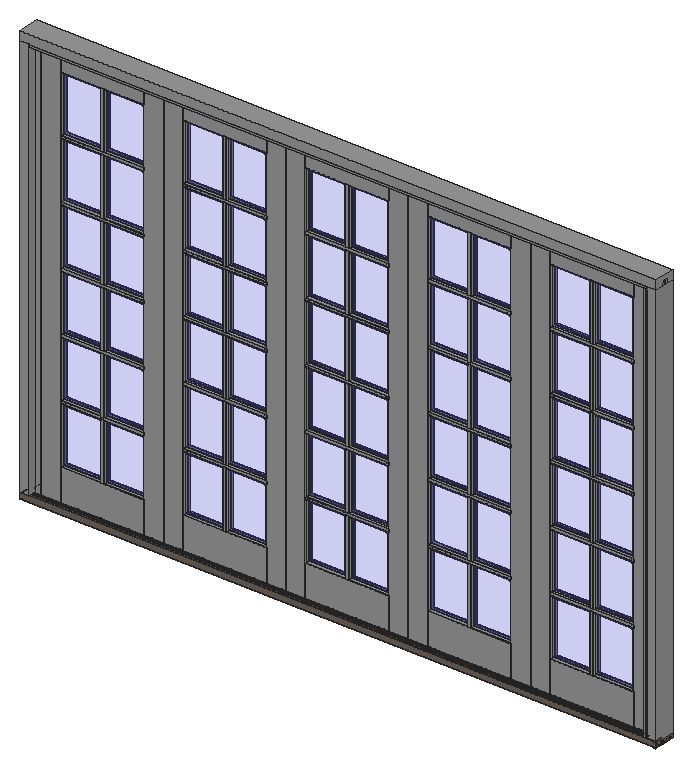
Revit family "VSFA 3180 SP LH", category Doors, host Wall, Revit 2015 (continued)
Automatic sketch dimensions
  host wall to Extrusion 35 sketch curve = 6.697 mm  (x12)
  Extrusion 35 sketch curve to Extrusion 35 sketch curve = 1.197 mm  (x8)
  Extrusion 35 sketch curve to host wall = 24.5 mm  (x7)
  plane 5 to Extrusion 35 sketch curve = 45 mm
  Extrusion 35 sketch curve to Extrusion 35 sketch curve = 96 mm
  Extrusion 35 sketch curve to Extrusion 35 sketch curve = 0 mm  (x6)
  Extrusion 35 sketch curve to Extrusion 35 sketch curve = 0.241 mm  (x12)
  Extrusion 35 sketch curve to Extrusion 35 sketch curve = 266 mm  (x5)
  Extrusion 35 sketch curve to Extrusion 35 sketch curve = 6.759 mm  (x6)
  Extrusion 35 sketch curve to Extrusion 35 sketch curve = 13 mm  (x5)
  level to Extrusion 35 sketch curve = 199 mm
  level to Extrusion 35 sketch curve = 19 mm
  plane 12 to Sweep 36 sketch curve = 279.5 mm
  Sweep 36 sketch curve to plane 13 = 128 mm
  Sweep 36 sketch curve to Sweep 36 sketch curve = 284 mm
  Sweep 36 sketch curve to profile plane = 0 mm
  Sweep 36 sketch curve to profile plane = 0.241 mm
  Sweep 36 sketch curve to Sweep 36 sketch curve = 6.759 mm
  Sweep 36 sketch curve to Sweep 36 sketch curve = 2 mm  (x2)
  Sweep 36 sketch curve to profile plane = 86 mm
  Sweep 36 sketch curve to Sweep 36 sketch curve = 6 mm
  plane 12 to Extrusion 37 sketch curve = 64 mm  (x5)
  Extrusion 37 sketch curve to Extrusion 37 sketch curve = 0 mm  (x8)
  Extrusion 37 sketch curve to Extrusion 37 sketch curve = 202.5 mm  (x4)
  Extrusion 37 sketch curve to Extrusion 37 sketch curve = 13 mm  (x11)
  Extrusion 37 sketch curve to plane 13 = 128.012 mm  (x3)
  plane 5 to Extrusion 37 sketch curve = 141 mm  (x2)
  Extrusion 37 sketch curve to Extrusion 37 sketch curve = 283.99 mm  (x5)
  Extrusion 37 sketch curve to Extrusion 37 sketch curve = 0.01 mm  (x5)
  Extrusion 37 sketch curve to Extrusion 37 sketch curve = 13.01 mm  (x3)
  level to Extrusion 37 sketch curve = 190.01 mm
  level to Extrusion 37 sketch curve = 190 mm
  Extrusion 38 sketch curve to host wall = 5.5 mm  (x2)
  Extrusion 38 sketch curve to plane 12 = 257.5 mm
  Extrusion 38 sketch curve to Extrusion 38 sketch curve = 2 mm  (x5)
  Extrusion 38 sketch curve to Extrusion 38 sketch curve = 6.759 mm  (x2)
  Extrusion 38 sketch curve to Extrusion 38 sketch curve = 0.241 mm  (x3)
  Extrusion 38 sketch curve to Extrusion 38 sketch curve = 13 mm  (x2)
  Extrusion 38 sketch curve to Extrusion 38 sketch curve = 1.197 mm  (x2)
  host wall to Extrusion 38 sketch curve = 24.5 mm
  plane 12 to Sweep 39 sketch curve = 64.012 mm
  Sweep 39 sketch curve to Sweep 39 sketch curve = 202.5 mm
  level to Sweep 39 sketch curve = 474 mm
  level to Sweep 39 sketch curve = 190 mm
  Sweep 39 sketch curve to profile plane = 0 mm
  Sweep 39 sketch curve to profile plane = 0.241 mm
  Sweep 39 sketch curve to Sweep 39 sketch curve = 6.759 mm
  Sweep 39 sketch curve to Sweep 39 sketch curve = 2 mm  (x2)
  Sweep 39 sketch curve to profile plane = 86 mm
  Sweep 39 sketch curve to Sweep 39 sketch curve = 6 mm
  plane 12 to Sweep 40 sketch curve = 279.5 mm
  Sweep 40 sketch curve to plane 13 = 128 mm
  level to Sweep 40 sketch curve = 770.988 mm
  Sweep 40 sketch curve to Sweep 40 sketch curve = 284 mm
  Sweep 40 sketch curve to profile plane = 0 mm
  Sweep 40 sketch curve to profile plane = 0.241 mm
  Sweep 40 sketch curve to Sweep 40 sketch curve = 6.759 mm
  Sweep 40 sketch curve to Sweep 40 sketch curve = 2 mm  (x2)
  Sweep 40 sketch curve to profile plane = 86 mm
  Sweep 40 sketch curve to Sweep 40 sketch curve = 6 mm
  host wall to Extrusion 41 sketch curve = 5.5 mm  (x2)
  plane 12 to Extrusion 41 sketch curve = 257.5 mm
  Extrusion 41 sketch curve to Extrusion 41 sketch curve = 2 mm  (x5)
  Extrusion 41 sketch curve to Extrusion 41 sketch curve = 6.759 mm  (x2)
  Extrusion 41 sketch curve to Extrusion 41 sketch curve = 0.241 mm  (x3)
  Extrusion 41 sketch curve to Extrusion 41 sketch curve = 13 mm  (x2)
  Extrusion 41 sketch curve to host wall = 24.5 mm
  Extrusion 41 sketch curve to Extrusion 41 sketch curve = 1.197 mm  (x2)
  plane 12 to Sweep 42 sketch curve = 64.012 mm
  Sweep 42 sketch curve to Sweep 42 sketch curve = 202.5 mm
  level to Sweep 42 sketch curve = 770.988 mm
  Sweep 42 sketch curve to Sweep 42 sketch curve = 284 mm
  Sweep 42 sketch curve to profile plane = 0 mm
  Sweep 42 sketch curve to profile plane = 0.241 mm
  Sweep 42 sketch curve to Sweep 42 sketch curve = 6.759 mm
  Sweep 42 sketch curve to Sweep 42 sketch curve = 2 mm  (x2)
  Sweep 42 sketch curve to profile plane = 86 mm
  Sweep 42 sketch curve to Sweep 42 sketch curve = 6 mm
  plane 12 to Sweep 43 sketch curve = 279.5 mm
  Sweep 43 sketch curve to plane 13 = 128 mm
  plane 5 to Sweep 43 sketch curve = 1032.012 mm
  Sweep 43 sketch curve to Sweep 43 sketch curve = 284 mm
  Sweep 43 sketch curve to profile plane = 0 mm
  Sweep 43 sketch curve to profile plane = 0.241 mm
  Sweep 43 sketch curve to Sweep 43 sketch curve = 6.759 mm
  Sweep 43 sketch curve to Sweep 43 sketch curve = 2 mm  (x2)
  Sweep 43 sketch curve to profile plane = 86 mm
  Sweep 43 sketch curve to Sweep 43 sketch curve = 6 mm
  host wall to Extrusion 44 sketch curve = 5.5 mm  (x2)
  plane 12 to Extrusion 44 sketch curve = 257.5 mm
  Extrusion 44 sketch curve to Extrusion 44 sketch curve = 2 mm  (x5)
  Extrusion 44 sketch curve to Extrusion 44 sketch curve = 6.759 mm  (x2)
  Extrusion 44 sketch curve to Extrusion 44 sketch curve = 0.241 mm  (x3)
  Extrusion 44 sketch curve to Extrusion 44 sketch curve = 13 mm  (x2)
  Extrusion 44 sketch curve to host wall = 24.5 mm
  Extrusion 44 sketch curve to Extrusion 44 sketch curve = 1.197 mm  (x2)
  plane 12 to Sweep 45 sketch curve = 64.012 mm
  Sweep 45 sketch curve to Sweep 45 sketch curve = 202.5 mm
  plane 5 to Sweep 45 sketch curve = 1032.012 mm
  Sweep 45 sketch curve to Sweep 45 sketch curve = 284 mm
  Sweep 45 sketch curve to profile plane = 0 mm
  Sweep 45 sketch curve to profile plane = 0.241 mm
  Sweep 45 sketch curve to Sweep 45 sketch curve = 6.759 mm
  Sweep 45 sketch curve to Sweep 45 sketch curve = 2 mm  (x2)
  Sweep 45 sketch curve to profile plane = 86 mm
  Sweep 45 sketch curve to Sweep 45 sketch curve = 6 mm
  plane 12 to Sweep 46 sketch curve = 279.5 mm
  Sweep 46 sketch curve to plane 13 = 128 mm
  plane 5 to Sweep 46 sketch curve = 735.012 mm
  Sweep 46 sketch curve to Sweep 46 sketch curve = 284 mm
  Sweep 46 sketch curve to profile plane = 0 mm
  Sweep 46 sketch curve to profile plane = 0.241 mm
  Sweep 46 sketch curve to Sweep 46 sketch curve = 6.759 mm
  Sweep 46 sketch curve to Sweep 46 sketch curve = 2 mm  (x2)
  Sweep 46 sketch curve to profile plane = 86 mm
  Sweep 46 sketch curve to Sweep 46 sketch curve = 6 mm
  host wall to Extrusion 47 sketch curve = 5.5 mm  (x2)
  plane 12 to Extrusion 47 sketch curve = 257.5 mm
  Extrusion 47 sketch curve to Extrusion 47 sketch curve = 2 mm  (x5)
  Extrusion 47 sketch curve to Extrusion 47 sketch curve = 6.759 mm  (x2)
  Extrusion 47 sketch curve to Extrusion 47 sketch curve = 0.241 mm  (x3)
  Extrusion 47 sketch curve to Extrusion 47 sketch curve = 13 mm  (x2)
  Extrusion 47 sketch curve to host wall = 24.5 mm
  Extrusion 47 sketch curve to Extrusion 47 sketch curve = 1.197 mm  (x2)
  plane 12 to Sweep 48 sketch curve = 64.012 mm
  Sweep 48 sketch curve to Sweep 48 sketch curve = 202.5 mm
  plane 5 to Sweep 48 sketch curve = 735.012 mm
  Sweep 48 sketch curve to Sweep 48 sketch curve = 284 mm
  Sweep 48 sketch curve to profile plane = 0 mm
  Sweep 48 sketch curve to profile plane = 0.241 mm
  Sweep 48 sketch curve to Sweep 48 sketch curve = 6.759 mm
  Sweep 48 sketch curve to Sweep 48 sketch curve = 2 mm  (x2)
  Sweep 48 sketch curve to profile plane = 86 mm
  Sweep 48 sketch curve to Sweep 48 sketch curve = 6 mm
  plane 12 to Sweep 49 sketch curve = 279.5 mm
  Sweep 49 sketch curve to plane 13 = 128 mm
  plane 5 to Sweep 49 sketch curve = 438.012 mm
  Sweep 49 sketch curve to Sweep 49 sketch curve = 284 mm
  Sweep 49 sketch curve to profile plane = 0 mm
  Sweep 49 sketch curve to profile plane = 0.241 mm
  Sweep 49 sketch curve to Sweep 49 sketch curve = 6.759 mm
  Sweep 49 sketch curve to Sweep 49 sketch curve = 2 mm  (x2)
  Sweep 49 sketch curve to profile plane = 86 mm
  Sweep 49 sketch curve to Sweep 49 sketch curve = 6 mm
  host wall to Extrusion 50 sketch curve = 5.5 mm  (x2)
  plane 12 to Extrusion 50 sketch curve = 257.5 mm
  Extrusion 50 sketch curve to Extrusion 50 sketch curve = 2 mm  (x5)
  Extrusion 50 sketch curve to Extrusion 50 sketch curve = 6.759 mm  (x2)
  Extrusion 50 sketch curve to Extrusion 50 sketch curve = 0.241 mm  (x3)
  Extrusion 50 sketch curve to Extrusion 50 sketch curve = 13 mm  (x2)
  Extrusion 50 sketch curve to host wall = 24.5 mm
  Extrusion 50 sketch curve to Extrusion 50 sketch curve = 1.197 mm  (x2)
  plane 12 to Sweep 51 sketch curve = 64.012 mm
  Sweep 51 sketch curve to Sweep 51 sketch curve = 202.5 mm
  plane 5 to Sweep 51 sketch curve = 438.012 mm
  Sweep 51 sketch curve to Sweep 51 sketch curve = 284 mm
  Sweep 51 sketch curve to profile plane = 0 mm
  Sweep 51 sketch curve to profile plane = 0.241 mm
  Sweep 51 sketch curve to Sweep 51 sketch curve = 6.759 mm
  Sweep 51 sketch curve to Sweep 51 sketch curve = 2 mm  (x2)
  Sweep 51 sketch curve to profile plane = 86 mm
  Sweep 51 sketch curve to Sweep 51 sketch curve = 6 mm
  plane 12 to Sweep 52 sketch curve = 279.5 mm
  Sweep 52 sketch curve to plane 13 = 128 mm
  plane 5 to Sweep 52 sketch curve = 141.012 mm
  Sweep 52 sketch curve to Sweep 52 sketch curve = 284 mm
  Sweep 52 sketch curve to profile plane = 0 mm
  Sweep 52 sketch curve to profile plane = 0.241 mm
  Sweep 52 sketch curve to Sweep 52 sketch curve = 6.759 mm
  Sweep 52 sketch curve to Sweep 52 sketch curve = 2 mm  (x2)
  Sweep 52 sketch curve to profile plane = 86 mm
  Sweep 52 sketch curve to Sweep 52 sketch curve = 6 mm
  host wall to Extrusion 53 sketch curve = 5.5 mm  (x2)
  plane 12 to Extrusion 53 sketch curve = 257.5 mm
  Extrusion 53 sketch curve to Extrusion 53 sketch curve = 2 mm  (x5)
  Extrusion 53 sketch curve to Extrusion 53 sketch curve = 6.759 mm  (x2)
  Extrusion 53 sketch curve to Extrusion 53 sketch curve = 0.241 mm  (x3)
  Extrusion 53 sketch curve to Extrusion 53 sketch curve = 13 mm  (x2)
  Extrusion 53 sketch curve to host wall = 24.5 mm
  Extrusion 53 sketch curve to Extrusion 53 sketch curve = 1.197 mm  (x2)
  plane 12 to Sweep 54 sketch curve = 64.012 mm
  Sweep 54 sketch curve to Sweep 54 sketch curve = 202.5 mm
  plane 5 to Sweep 54 sketch curve = 141.012 mm
  Sweep 54 sketch curve to Sweep 54 sketch curve = 284 mm
  Sweep 54 sketch curve to profile plane = 0 mm
  Sweep 54 sketch curve to profile plane = 0.241 mm
  Sweep 54 sketch curve to Sweep 54 sketch curve = 6.759 mm
  Sweep 54 sketch curve to Sweep 54 sketch curve = 2 mm  (x2)
  Sweep 54 sketch curve to profile plane = 86 mm
  Sweep 54 sketch curve to Sweep 54 sketch curve = 6 mm
  host wall to Extrusion 55 sketch curve = 15.5 mm  (x7)
  Extrusion 55 sketch curve to Extrusion 55 sketch curve = 2 mm  (x28)
  host wall to Extrusion 55 sketch curve = 7.5 mm  (x12)
  host wall to Extrusion 55 sketch curve = 6.697 mm  (x12)
  Extrusion 55 sketch curve to Extrusion 55 sketch curve = 1.197 mm  (x8)
  Extrusion 55 sketch curve to host wall = 24.5 mm  (x7)
  plane 5 to Extrusion 55 sketch curve = 45 mm
  Extrusion 55 sketch curve to Extrusion 55 sketch curve = 96 mm
  Extrusion 55 sketch curve to Extrusion 55 sketch curve = 0 mm  (x6)
  Extrusion 55 sketch curve to Extrusion 55 sketch curve = 0.241 mm  (x12)
  Extrusion 55 sketch curve to Extrusion 55 sketch curve = 266 mm  (x5)
  Extrusion 55 sketch curve to Extrusion 55 sketch curve = 6.759 mm  (x6)
  Extrusion 55 sketch curve to Extrusion 55 sketch curve = 13 mm  (x5)
  level to Extrusion 55 sketch curve = 199 mm
  level to Extrusion 55 sketch curve = 19 mm
  plane 2 "Center (Left/Right)" to Sweep 56 sketch curve = 9.5 mm
  Sweep 56 sketch curve to plane 15 = 128 mm
  Sweep 56 sketch curve to Sweep 56 sketch curve = 284 mm
  Sweep 56 sketch curve to profile plane = 0 mm
  Sweep 56 sketch curve to profile plane = 0.241 mm
  Sweep 56 sketch curve to Sweep 56 sketch curve = 6.759 mm
  Sweep 56 sketch curve to Sweep 56 sketch curve = 2 mm  (x2)
  Sweep 56 sketch curve to profile plane = 86 mm
  Sweep 56 sketch curve to Sweep 56 sketch curve = 6 mm
  plane 14 to Extrusion 57 sketch curve = 64 mm  (x5)
  Extrusion 57 sketch curve to Extrusion 57 sketch curve = 0 mm  (x8)
  plane 2 "Center (Left/Right)" to Extrusion 57 sketch curve = 22.5 mm  (x4)
  plane 2 "Center (Left/Right)" to Extrusion 57 sketch curve = 9.5 mm  (x6)
  Extrusion 57 sketch curve to plane 15 = 128.012 mm  (x3)
  plane 5 to Extrusion 57 sketch curve = 141 mm  (x2)
  Extrusion 57 sketch curve to Extrusion 57 sketch curve = 283.99 mm  (x5)
  Extrusion 57 sketch curve to Extrusion 57 sketch curve = 0.01 mm  (x5)
  Extrusion 57 sketch curve to Extrusion 57 sketch curve = 13 mm  (x5)
  Extrusion 57 sketch curve to Extrusion 57 sketch curve = 13.01 mm  (x3)
  level to Extrusion 57 sketch curve = 190.01 mm
  level to Extrusion 57 sketch curve = 190 mm
  Extrusion 58 sketch curve to host wall = 5.5 mm  (x2)
  Extrusion 58 sketch curve to plane 2 "Center (Left/Right)" = 31.5 mm
  Extrusion 58 sketch curve to Extrusion 58 sketch curve = 2 mm  (x4)
  Extrusion 58 sketch curve to Extrusion 58 sketch curve = 6.759 mm
  Extrusion 58 sketch curve to Extrusion 58 sketch curve = 0.241 mm  (x3)
  Extrusion 58 sketch curve to plane 2 "Center (Left/Right)" = 9.5 mm  (x2)
  Extrusion 58 sketch curve to plane 2 "Center (Left/Right)" = 2.5 mm
  Extrusion 58 sketch curve to plane 2 "Center (Left/Right)" = 0.5 mm
  Extrusion 58 sketch curve to Extrusion 58 sketch curve = 1.197 mm  (x2)
  host wall to Extrusion 58 sketch curve = 24.5 mm
  plane 14 to Sweep 59 sketch curve = 64.012 mm
  plane 2 "Center (Left/Right)" to Sweep 59 sketch curve = 22.488 mm
  level to Sweep 59 sketch curve = 474 mm
  level to Sweep 59 sketch curve = 190 mm
  Sweep 59 sketch curve to profile plane = 0 mm
  Sweep 59 sketch curve to profile plane = 0.241 mm
  Sweep 59 sketch curve to Sweep 59 sketch curve = 6.759 mm
  Sweep 59 sketch curve to Sweep 59 sketch curve = 2 mm  (x2)
  Sweep 59 sketch curve to profile plane = 86 mm
  Sweep 59 sketch curve to Sweep 59 sketch curve = 6 mm
  plane 2 "Center (Left/Right)" to Sweep 60 sketch curve = 9.5 mm
  Sweep 60 sketch curve to plane 15 = 128 mm
  level to Sweep 60 sketch curve = 770.988 mm
  Sweep 60 sketch curve to Sweep 60 sketch curve = 284 mm
  Sweep 60 sketch curve to profile plane = 0 mm
  Sweep 60 sketch curve to profile plane = 0.241 mm
  Sweep 60 sketch curve to Sweep 60 sketch curve = 6.759 mm
  Sweep 60 sketch curve to Sweep 60 sketch curve = 2 mm  (x2)
  Sweep 60 sketch curve to profile plane = 86 mm
  Sweep 60 sketch curve to Sweep 60 sketch curve = 6 mm
  host wall to Extrusion 61 sketch curve = 5.5 mm  (x2)
  plane 2 "Center (Left/Right)" to Extrusion 61 sketch curve = 31.5 mm
  Extrusion 61 sketch curve to Extrusion 61 sketch curve = 2 mm  (x4)
  Extrusion 61 sketch curve to Extrusion 61 sketch curve = 6.759 mm
  Extrusion 61 sketch curve to Extrusion 61 sketch curve = 0.241 mm  (x3)
  plane 2 "Center (Left/Right)" to Extrusion 61 sketch curve = 9.5 mm  (x2)
  plane 2 "Center (Left/Right)" to Extrusion 61 sketch curve = 2.5 mm
  plane 2 "Center (Left/Right)" to Extrusion 61 sketch curve = 0.5 mm
  Extrusion 61 sketch curve to host wall = 24.5 mm
  Extrusion 61 sketch curve to Extrusion 61 sketch curve = 1.197 mm  (x2)
  plane 14 to Sweep 62 sketch curve = 64.012 mm
  plane 2 "Center (Left/Right)" to Sweep 62 sketch curve = 22.488 mm
  level to Sweep 62 sketch curve = 770.988 mm
  Sweep 62 sketch curve to Sweep 62 sketch curve = 284 mm
  Sweep 62 sketch curve to profile plane = 0 mm
  Sweep 62 sketch curve to profile plane = 0.241 mm
  Sweep 62 sketch curve to Sweep 62 sketch curve = 6.759 mm
  Sweep 62 sketch curve to Sweep 62 sketch curve = 2 mm  (x2)
  Sweep 62 sketch curve to profile plane = 86 mm
  Sweep 62 sketch curve to Sweep 62 sketch curve = 6 mm
  plane 2 "Center (Left/Right)" to Sweep 63 sketch curve = 9.5 mm
  Sweep 63 sketch curve to plane 15 = 128 mm
  plane 5 to Sweep 63 sketch curve = 1032.012 mm
  Sweep 63 sketch curve to Sweep 63 sketch curve = 284 mm
  Sweep 63 sketch curve to profile plane = 0 mm
  Sweep 63 sketch curve to profile plane = 0.241 mm
  Sweep 63 sketch curve to Sweep 63 sketch curve = 6.759 mm
  Sweep 63 sketch curve to Sweep 63 sketch curve = 2 mm  (x2)
  Sweep 63 sketch curve to profile plane = 86 mm
  Sweep 63 sketch curve to Sweep 63 sketch curve = 6 mm
  host wall to Extrusion 64 sketch curve = 5.5 mm  (x2)
  plane 2 "Center (Left/Right)" to Extrusion 64 sketch curve = 31.5 mm
  Extrusion 64 sketch curve to Extrusion 64 sketch curve = 2 mm  (x4)
  Extrusion 64 sketch curve to Extrusion 64 sketch curve = 6.759 mm
  Extrusion 64 sketch curve to Extrusion 64 sketch curve = 0.241 mm  (x3)
  plane 2 "Center (Left/Right)" to Extrusion 64 sketch curve = 9.5 mm  (x2)
  plane 2 "Center (Left/Right)" to Extrusion 64 sketch curve = 2.5 mm
  plane 2 "Center (Left/Right)" to Extrusion 64 sketch curve = 0.5 mm
  Extrusion 64 sketch curve to host wall = 24.5 mm
  Extrusion 64 sketch curve to Extrusion 64 sketch curve = 1.197 mm  (x2)
  plane 14 to Sweep 65 sketch curve = 64.012 mm
  plane 2 "Center (Left/Right)" to Sweep 65 sketch curve = 22.488 mm
  plane 5 to Sweep 65 sketch curve = 1032.012 mm
  Sweep 65 sketch curve to Sweep 65 sketch curve = 284 mm
  Sweep 65 sketch curve to profile plane = 0 mm
  Sweep 65 sketch curve to profile plane = 0.241 mm
  Sweep 65 sketch curve to Sweep 65 sketch curve = 6.759 mm
  Sweep 65 sketch curve to Sweep 65 sketch curve = 2 mm  (x2)
  Sweep 65 sketch curve to profile plane = 86 mm
  Sweep 65 sketch curve to Sweep 65 sketch curve = 6 mm
  plane 2 "Center (Left/Right)" to Sweep 66 sketch curve = 9.5 mm
  Sweep 66 sketch curve to plane 15 = 128 mm
  plane 5 to Sweep 66 sketch curve = 735.012 mm
  Sweep 66 sketch curve to Sweep 66 sketch curve = 284 mm
  Sweep 66 sketch curve to profile plane = 0 mm
  Sweep 66 sketch curve to profile plane = 0.241 mm
  Sweep 66 sketch curve to Sweep 66 sketch curve = 6.759 mm
  Sweep 66 sketch curve to Sweep 66 sketch curve = 2 mm  (x2)
  Sweep 66 sketch curve to profile plane = 86 mm
  Sweep 66 sketch curve to Sweep 66 sketch curve = 6 mm
  host wall to Extrusion 67 sketch curve = 5.5 mm  (x2)
  plane 2 "Center (Left/Right)" to Extrusion 67 sketch curve = 31.5 mm
  Extrusion 67 sketch curve to Extrusion 67 sketch curve = 2 mm  (x4)
  Extrusion 67 sketch curve to Extrusion 67 sketch curve = 6.759 mm
  Extrusion 67 sketch curve to Extrusion 67 sketch curve = 0.241 mm  (x3)
  plane 2 "Center (Left/Right)" to Extrusion 67 sketch curve = 9.5 mm  (x2)
  plane 2 "Center (Left/Right)" to Extrusion 67 sketch curve = 2.5 mm
  plane 2 "Center (Left/Right)" to Extrusion 67 sketch curve = 0.5 mm
  Extrusion 67 sketch curve to host wall = 24.5 mm
  Extrusion 67 sketch curve to Extrusion 67 sketch curve = 1.197 mm  (x2)
  plane 14 to Sweep 68 sketch curve = 64.012 mm
  plane 2 "Center (Left/Right)" to Sweep 68 sketch curve = 22.488 mm
  plane 5 to Sweep 68 sketch curve = 735.012 mm
  Sweep 68 sketch curve to Sweep 68 sketch curve = 284 mm
  Sweep 68 sketch curve to profile plane = 0 mm
  Sweep 68 sketch curve to profile plane = 0.241 mm
  Sweep 68 sketch curve to Sweep 68 sketch curve = 6.759 mm
  Sweep 68 sketch curve to Sweep 68 sketch curve = 2 mm  (x2)
  Sweep 68 sketch curve to profile plane = 86 mm
  Sweep 68 sketch curve to Sweep 68 sketch curve = 6 mm
  plane 2 "Center (Left/Right)" to Sweep 69 sketch curve = 9.5 mm
  Sweep 69 sketch curve to plane 15 = 128 mm
  plane 5 to Sweep 69 sketch curve = 438.012 mm
  Sweep 69 sketch curve to Sweep 69 sketch curve = 284 mm
  Sweep 69 sketch curve to profile plane = 0 mm
  Sweep 69 sketch curve to profile plane = 0.241 mm
  Sweep 69 sketch curve to Sweep 69 sketch curve = 6.759 mm
  Sweep 69 sketch curve to Sweep 69 sketch curve = 2 mm  (x2)
  Sweep 69 sketch curve to profile plane = 86 mm
  Sweep 69 sketch curve to Sweep 69 sketch curve = 6 mm
  host wall to Extrusion 70 sketch curve = 5.5 mm  (x2)
  plane 2 "Center (Left/Right)" to Extrusion 70 sketch curve = 31.5 mm
  Extrusion 70 sketch curve to Extrusion 70 sketch curve = 2 mm  (x4)
  Extrusion 70 sketch curve to Extrusion 70 sketch curve = 6.759 mm
  Extrusion 70 sketch curve to Extrusion 70 sketch curve = 0.241 mm  (x3)
  plane 2 "Center (Left/Right)" to Extrusion 70 sketch curve = 9.5 mm  (x2)
  plane 2 "Center (Left/Right)" to Extrusion 70 sketch curve = 2.5 mm
  plane 2 "Center (Left/Right)" to Extrusion 70 sketch curve = 0.5 mm
  Extrusion 70 sketch curve to host wall = 24.5 mm
  Extrusion 70 sketch curve to Extrusion 70 sketch curve = 1.197 mm  (x2)
  plane 14 to Sweep 71 sketch curve = 64.012 mm
  plane 2 "Center (Left/Right)" to Sweep 71 sketch curve = 22.488 mm
  plane 5 to Sweep 71 sketch curve = 438.012 mm
  Sweep 71 sketch curve to Sweep 71 sketch curve = 284 mm
  Sweep 71 sketch curve to profile plane = 0 mm
  Sweep 71 sketch curve to profile plane = 0.241 mm
  Sweep 71 sketch curve to Sweep 71 sketch curve = 6.759 mm
  Sweep 71 sketch curve to Sweep 71 sketch curve = 2 mm  (x2)
  Sweep 71 sketch curve to profile plane = 86 mm
  Sweep 71 sketch curve to Sweep 71 sketch curve = 6 mm
  plane 2 "Center (Left/Right)" to Sweep 72 sketch curve = 9.5 mm
  Sweep 72 sketch curve to plane 15 = 128 mm
  plane 5 to Sweep 72 sketch curve = 141.012 mm
  Sweep 72 sketch curve to Sweep 72 sketch curve = 284 mm
  Sweep 72 sketch curve to profile plane = 0 mm
  Sweep 72 sketch curve to profile plane = 0.241 mm
  Sweep 72 sketch curve to Sweep 72 sketch curve = 6.759 mm
  Sweep 72 sketch curve to Sweep 72 sketch curve = 2 mm  (x2)
  Sweep 72 sketch curve to profile plane = 86 mm
  Sweep 72 sketch curve to Sweep 72 sketch curve = 6 mm
  host wall to Extrusion 73 sketch curve = 5.5 mm  (x2)
  plane 2 "Center (Left/Right)" to Extrusion 73 sketch curve = 31.5 mm
  Extrusion 73 sketch curve to Extrusion 73 sketch curve = 2 mm  (x4)
  Extrusion 73 sketch curve to Extrusion 73 sketch curve = 6.759 mm
  Extrusion 73 sketch curve to Extrusion 73 sketch curve = 0.241 mm  (x3)
  plane 2 "Center (Left/Right)" to Extrusion 73 sketch curve = 9.5 mm  (x2)
  plane 2 "Center (Left/Right)" to Extrusion 73 sketch curve = 2.5 mm
  plane 2 "Center (Left/Right)" to Extrusion 73 sketch curve = 0.5 mm
  Extrusion 73 sketch curve to host wall = 24.5 mm
  Extrusion 73 sketch curve to Extrusion 73 sketch curve = 1.197 mm  (x2)
  plane 14 to Sweep 74 sketch curve = 64.012 mm
  plane 2 "Center (Left/Right)" to Sweep 74 sketch curve = 22.488 mm
  plane 5 to Sweep 74 sketch curve = 141.012 mm
  Sweep 74 sketch curve to Sweep 74 sketch curve = 284 mm
  Sweep 74 sketch curve to profile plane = 0 mm
  Sweep 74 sketch curve to profile plane = 0.241 mm
  Sweep 74 sketch curve to Sweep 74 sketch curve = 6.759 mm
  Sweep 74 sketch curve to Sweep 74 sketch curve = 2 mm  (x2)
  Sweep 74 sketch curve to profile plane = 86 mm
  Sweep 74 sketch curve to Sweep 74 sketch curve = 6 mm
  host wall to Extrusion 75 sketch curve = 15.5 mm  (x7)
  Extrusion 75 sketch curve to Extrusion 75 sketch curve = 2 mm  (x28)
  host wall to Extrusion 75 sketch curve = 7.5 mm  (x12)
  host wall to Extrusion 75 sketch curve = 6.697 mm  (x12)
  Extrusion 75 sketch curve to Extrusion 75 sketch curve = 1.197 mm  (x8)
  Extrusion 75 sketch curve to host wall = 24.5 mm  (x7)
  plane 5 to Extrusion 75 sketch curve = 45 mm
  Extrusion 75 sketch curve to Extrusion 75 sketch curve = 96 mm
  Extrusion 75 sketch curve to Extrusion 75 sketch curve = 0 mm  (x6)
  Extrusion 75 sketch curve to Extrusion 75 sketch curve = 0.241 mm  (x12)
  Extrusion 75 sketch curve to Extrusion 75 sketch curve = 266 mm  (x5)
  Extrusion 75 sketch curve to Extrusion 75 sketch curve = 6.759 mm  (x6)
  Extrusion 75 sketch curve to Extrusion 75 sketch curve = 13 mm  (x5)
  level to Extrusion 75 sketch curve = 199 mm
  level to Extrusion 75 sketch curve = 19 mm
  plane 16 to Sweep 76 sketch curve = 279.5 mm
  Sweep 76 sketch curve to plane 17 = 128 mm
  Sweep 76 sketch curve to Sweep 76 sketch curve = 284 mm
  Sweep 76 sketch curve to profile plane = 0 mm
  Sweep 76 sketch curve to profile plane = 0.241 mm
  Sweep 76 sketch curve to Sweep 76 sketch curve = 6.759 mm
  Sweep 76 sketch curve to Sweep 76 sketch curve = 2 mm  (x2)
  Sweep 76 sketch curve to profile plane = 86 mm
  Sweep 76 sketch curve to Sweep 76 sketch curve = 6 mm
  plane 16 to Extrusion 77 sketch curve = 64 mm  (x5)
  Extrusion 77 sketch curve to Extrusion 77 sketch curve = 0 mm  (x8)
  Extrusion 77 sketch curve to Extrusion 77 sketch curve = 202.5 mm  (x4)
  Extrusion 77 sketch curve to Extrusion 77 sketch curve = 13 mm  (x11)
  Extrusion 77 sketch curve to plane 17 = 128.012 mm  (x3)
  plane 5 to Extrusion 77 sketch curve = 141 mm  (x2)
  Extrusion 77 sketch curve to Extrusion 77 sketch curve = 283.99 mm  (x5)
  Extrusion 77 sketch curve to Extrusion 77 sketch curve = 0.01 mm  (x5)
  Extrusion 77 sketch curve to Extrusion 77 sketch curve = 13.01 mm  (x3)
  level to Extrusion 77 sketch curve = 190.01 mm
  level to Extrusion 77 sketch curve = 190 mm
  Extrusion 78 sketch curve to host wall = 5.5 mm  (x2)
  Extrusion 78 sketch curve to plane 16 = 257.5 mm
  Extrusion 78 sketch curve to Extrusion 78 sketch curve = 2 mm  (x5)
  Extrusion 78 sketch curve to Extrusion 78 sketch curve = 6.759 mm  (x2)
  Extrusion 78 sketch curve to Extrusion 78 sketch curve = 0.241 mm  (x3)
  Extrusion 78 sketch curve to Extrusion 78 sketch curve = 13 mm  (x2)
  Extrusion 78 sketch curve to Extrusion 78 sketch curve = 1.197 mm  (x2)
  host wall to Extrusion 78 sketch curve = 24.5 mm
  plane 16 to Sweep 79 sketch curve = 64.012 mm
  Sweep 79 sketch curve to Sweep 79 sketch curve = 202.5 mm
  level to Sweep 79 sketch curve = 474 mm
  level to Sweep 79 sketch curve = 190 mm
  Sweep 79 sketch curve to profile plane = 0 mm
  Sweep 79 sketch curve to profile plane = 0.241 mm
  Sweep 79 sketch curve to Sweep 79 sketch curve = 6.759 mm
  Sweep 79 sketch curve to Sweep 79 sketch curve = 2 mm  (x2)
  Sweep 79 sketch curve to profile plane = 86 mm
  Sweep 79 sketch curve to Sweep 79 sketch curve = 6 mm
  plane 16 to Sweep 80 sketch curve = 279.5 mm
  Sweep 80 sketch curve to plane 17 = 128 mm
  level to Sweep 80 sketch curve = 770.988 mm
  Sweep 80 sketch curve to Sweep 80 sketch curve = 284 mm
  Sweep 80 sketch curve to profile plane = 0 mm
  Sweep 80 sketch curve to profile plane = 0.241 mm
  Sweep 80 sketch curve to Sweep 80 sketch curve = 6.759 mm
  Sweep 80 sketch curve to Sweep 80 sketch curve = 2 mm  (x2)
  Sweep 80 sketch curve to profile plane = 86 mm
  Sweep 80 sketch curve to Sweep 80 sketch curve = 6 mm
  host wall to Extrusion 81 sketch curve = 5.5 mm  (x2)
  plane 16 to Extrusion 81 sketch curve = 257.5 mm
  Extrusion 81 sketch curve to Extrusion 81 sketch curve = 2 mm  (x5)
  Extrusion 81 sketch curve to Extrusion 81 sketch curve = 6.759 mm  (x2)
  Extrusion 81 sketch curve to Extrusion 81 sketch curve = 0.241 mm  (x3)
  Extrusion 81 sketch curve to Extrusion 81 sketch curve = 13 mm  (x2)
  Extrusion 81 sketch curve to host wall = 24.5 mm
  Extrusion 81 sketch curve to Extrusion 81 sketch curve = 1.197 mm  (x2)
  plane 16 to Sweep 82 sketch curve = 64.012 mm
  Sweep 82 sketch curve to Sweep 82 sketch curve = 202.5 mm
  level to Sweep 82 sketch curve = 770.988 mm
  Sweep 82 sketch curve to Sweep 82 sketch curve = 284 mm
  Sweep 82 sketch curve to profile plane = 0 mm
  Sweep 82 sketch curve to profile plane = 0.241 mm
  Sweep 82 sketch curve to Sweep 82 sketch curve = 6.759 mm
  Sweep 82 sketch curve to Sweep 82 sketch curve = 2 mm  (x2)
  Sweep 82 sketch curve to profile plane = 86 mm
  Sweep 82 sketch curve to Sweep 82 sketch curve = 6 mm
  plane 16 to Sweep 83 sketch curve = 279.5 mm
  Sweep 83 sketch curve to plane 17 = 128 mm
  plane 5 to Sweep 83 sketch curve = 1032.012 mm
  Sweep 83 sketch curve to Sweep 83 sketch curve = 284 mm
  Sweep 83 sketch curve to profile plane = 0 mm
  Sweep 83 sketch curve to profile plane = 0.241 mm
  Sweep 83 sketch curve to Sweep 83 sketch curve = 6.759 mm
  Sweep 83 sketch curve to Sweep 83 sketch curve = 2 mm  (x2)
  Sweep 83 sketch curve to profile plane = 86 mm
  Sweep 83 sketch curve to Sweep 83 sketch curve = 6 mm
  host wall to Extrusion 84 sketch curve = 5.5 mm  (x2)
  plane 16 to Extrusion 84 sketch curve = 257.5 mm
  Extrusion 84 sketch curve to Extrusion 84 sketch curve = 2 mm  (x5)
  Extrusion 84 sketch curve to Extrusion 84 sketch curve = 6.759 mm  (x2)
  Extrusion 84 sketch curve to Extrusion 84 sketch curve = 0.241 mm  (x3)
  Extrusion 84 sketch curve to Extrusion 84 sketch curve = 13 mm  (x2)
  Extrusion 84 sketch curve to host wall = 24.5 mm
  Extrusion 84 sketch curve to Extrusion 84 sketch curve = 1.197 mm  (x2)
  plane 16 to Sweep 85 sketch curve = 64.012 mm
  Sweep 85 sketch curve to Sweep 85 sketch curve = 202.5 mm
  plane 5 to Sweep 85 sketch curve = 1032.012 mm
  Sweep 85 sketch curve to Sweep 85 sketch curve = 284 mm
  Sweep 85 sketch curve to profile plane = 0 mm
  Sweep 85 sketch curve to profile plane = 0.241 mm
  Sweep 85 sketch curve to Sweep 85 sketch curve = 6.759 mm
  Sweep 85 sketch curve to Sweep 85 sketch curve = 2 mm  (x2)
  Sweep 85 sketch curve to profile plane = 86 mm
  Sweep 85 sketch curve to Sweep 85 sketch curve = 6 mm
  plane 16 to Sweep 86 sketch curve = 279.5 mm
  Sweep 86 sketch curve to plane 17 = 128 mm
  plane 5 to Sweep 86 sketch curve = 735.012 mm
  Sweep 86 sketch curve to Sweep 86 sketch curve = 284 mm
  Sweep 86 sketch curve to profile plane = 0 mm
  Sweep 86 sketch curve to profile plane = 0.241 mm
  Sweep 86 sketch curve to Sweep 86 sketch curve = 6.759 mm
  Sweep 86 sketch curve to Sweep 86 sketch curve = 2 mm  (x2)
  Sweep 86 sketch curve to profile plane = 86 mm
  Sweep 86 sketch curve to Sweep 86 sketch curve = 6 mm
  host wall to Extrusion 87 sketch curve = 5.5 mm  (x2)
  plane 16 to Extrusion 87 sketch curve = 257.5 mm
  Extrusion 87 sketch curve to Extrusion 87 sketch curve = 2 mm  (x5)
  Extrusion 87 sketch curve to Extrusion 87 sketch curve = 6.759 mm  (x2)
  Extrusion 87 sketch curve to Extrusion 87 sketch curve = 0.241 mm  (x3)
  Extrusion 87 sketch curve to Extrusion 87 sketch curve = 13 mm  (x2)
  Extrusion 87 sketch curve to host wall = 24.5 mm
  Extrusion 87 sketch curve to Extrusion 87 sketch curve = 1.197 mm  (x2)
  plane 16 to Sweep 88 sketch curve = 64.012 mm
  Sweep 88 sketch curve to Sweep 88 sketch curve = 202.5 mm
  plane 5 to Sweep 88 sketch curve = 735.012 mm
  Sweep 88 sketch curve to Sweep 88 sketch curve = 284 mm
  Sweep 88 sketch curve to profile plane = 0 mm
  Sweep 88 sketch curve to profile plane = 0.241 mm
  Sweep 88 sketch curve to Sweep 88 sketch curve = 6.759 mm
  Sweep 88 sketch curve to Sweep 88 sketch curve = 2 mm  (x2)
  Sweep 88 sketch curve to profile plane = 86 mm
  Sweep 88 sketch curve to Sweep 88 sketch curve = 6 mm
  plane 16 to Sweep 89 sketch curve = 279.5 mm
  Sweep 89 sketch curve to plane 17 = 128 mm
  plane 5 to Sweep 89 sketch curve = 438.012 mm
  Sweep 89 sketch curve to Sweep 89 sketch curve = 284 mm
  Sweep 89 sketch curve to profile plane = 0 mm
  Sweep 89 sketch curve to profile plane = 0.241 mm
  Sweep 89 sketch curve to Sweep 89 sketch curve = 6.759 mm
  Sweep 89 sketch curve to Sweep 89 sketch curve = 2 mm  (x2)
  Sweep 89 sketch curve to profile plane = 86 mm
  Sweep 89 sketch curve to Sweep 89 sketch curve = 6 mm
  host wall to Extrusion 90 sketch curve = 5.5 mm  (x2)
  plane 16 to Extrusion 90 sketch curve = 257.5 mm
  Extrusion 90 sketch curve to Extrusion 90 sketch curve = 2 mm  (x5)
  Extrusion 90 sketch curve to Extrusion 90 sketch curve = 6.759 mm  (x2)
  Extrusion 90 sketch curve to Extrusion 90 sketch curve = 0.241 mm  (x3)
  Extrusion 90 sketch curve to Extrusion 90 sketch curve = 13 mm  (x2)
  Extrusion 90 sketch curve to host wall = 24.5 mm
  Extrusion 90 sketch curve to Extrusion 90 sketch curve = 1.197 mm  (x2)
  plane 16 to Sweep 91 sketch curve = 64.012 mm
  Sweep 91 sketch curve to Sweep 91 sketch curve = 202.5 mm
  plane 5 to Sweep 91 sketch curve = 438.012 mm
  Sweep 91 sketch curve to Sweep 91 sketch curve = 284 mm
  Sweep 91 sketch curve to profile plane = 0 mm
  Sweep 91 sketch curve to profile plane = 0.241 mm
  Sweep 91 sketch curve to Sweep 91 sketch curve = 6.759 mm
  Sweep 91 sketch curve to Sweep 91 sketch curve = 2 mm  (x2)
  Sweep 91 sketch curve to profile plane = 86 mm
  Sweep 91 sketch curve to Sweep 91 sketch curve = 6 mm
  plane 16 to Sweep 92 sketch curve = 279.5 mm
  Sweep 92 sketch curve to plane 17 = 128 mm
  plane 5 to Sweep 92 sketch curve = 141.012 mm
  Sweep 92 sketch curve to Sweep 92 sketch curve = 284 mm
  Sweep 92 sketch curve to profile plane = 0 mm
  Sweep 92 sketch curve to profile plane = 0.241 mm
  Sweep 92 sketch curve to Sweep 92 sketch curve = 6.759 mm
  Sweep 92 sketch curve to Sweep 92 sketch curve = 2 mm  (x2)
  Sweep 92 sketch curve to profile plane = 86 mm
  Sweep 92 sketch curve to Sweep 92 sketch curve = 6 mm
  host wall to Extrusion 93 sketch curve = 5.5 mm  (x2)
  plane 16 to Extrusion 93 sketch curve = 257.5 mm
  Extrusion 93 sketch curve to Extrusion 93 sketch curve = 2 mm  (x5)
  Extrusion 93 sketch curve to Extrusion 93 sketch curve = 6.759 mm  (x2)
  Extrusion 93 sketch curve to Extrusion 93 sketch curve = 0.241 mm  (x3)
  Extrusion 93 sketch curve to Extrusion 93 sketch curve = 13 mm  (x2)
  Extrusion 93 sketch curve to host wall = 24.5 mm
  Extrusion 93 sketch curve to Extrusion 93 sketch curve = 1.197 mm  (x2)
  plane 16 to Sweep 94 sketch curve = 64.012 mm
  Sweep 94 sketch curve to Sweep 94 sketch curve = 202.5 mm
  plane 5 to Sweep 94 sketch curve = 141.012 mm
  Sweep 94 sketch curve to Sweep 94 sketch curve = 284 mm
  Sweep 94 sketch curve to profile plane = 0 mm
  Sweep 94 sketch curve to profile plane = 0.241 mm
  Sweep 94 sketch curve to Sweep 94 sketch curve = 6.759 mm
  Sweep 94 sketch curve to Sweep 94 sketch curve = 2 mm  (x2)
  Sweep 94 sketch curve to profile plane = 86 mm
  Sweep 94 sketch curve to Sweep 94 sketch curve = 6 mm
  host wall to Extrusion 95 sketch curve = 15.5 mm  (x7)
  Extrusion 95 sketch curve to Extrusion 95 sketch curve = 2 mm  (x28)
  host wall to Extrusion 95 sketch curve = 7.5 mm  (x12)
  host wall to Extrusion 95 sketch curve = 6.697 mm  (x12)
  Extrusion 95 sketch curve to Extrusion 95 sketch curve = 1.197 mm  (x8)
  Extrusion 95 sketch curve to host wall = 24.5 mm  (x7)
  plane 5 to Extrusion 95 sketch curve = 45 mm
  Extrusion 95 sketch curve to Extrusion 95 sketch curve = 96 mm
  Extrusion 95 sketch curve to Extrusion 95 sketch curve = 0 mm  (x6)
  Extrusion 95 sketch curve to Extrusion 95 sketch curve = 0.241 mm  (x12)
  Extrusion 95 sketch curve to Extrusion 95 sketch curve = 266 mm  (x5)
  Extrusion 95 sketch curve to Extrusion 95 sketch curve = 6.759 mm  (x6)
  Extrusion 95 sketch curve to Extrusion 95 sketch curve = 13 mm  (x5)
  level to Extrusion 95 sketch curve = 199 mm
  level to Extrusion 95 sketch curve = 19 mm
  plane 18 to Sweep 96 sketch curve = 279.5 mm
  Sweep 96 sketch curve to plane 8 = 128 mm
  Sweep 96 sketch curve to Sweep 96 sketch curve = 284 mm
  Sweep 96 sketch curve to profile plane = 0 mm
  Sweep 96 sketch curve to profile plane = 0.241 mm
  Sweep 96 sketch curve to Sweep 96 sketch curve = 6.759 mm
  Sweep 96 sketch curve to Sweep 96 sketch curve = 2 mm  (x2)
  Sweep 96 sketch curve to profile plane = 86 mm
  Sweep 96 sketch curve to Sweep 96 sketch curve = 6 mm
  plane 18 to Extrusion 97 sketch curve = 64 mm  (x5)
  Extrusion 97 sketch curve to Extrusion 97 sketch curve = 0 mm  (x8)
  Extrusion 97 sketch curve to Extrusion 97 sketch curve = 202.5 mm  (x4)
  Extrusion 97 sketch curve to Extrusion 97 sketch curve = 13 mm  (x11)
  Extrusion 97 sketch curve to plane 8 = 128.012 mm  (x3)
  plane 5 to Extrusion 97 sketch curve = 141 mm  (x2)
  Extrusion 97 sketch curve to Extrusion 97 sketch curve = 283.99 mm  (x5)
  Extrusion 97 sketch curve to Extrusion 97 sketch curve = 0.01 mm  (x5)
  Extrusion 97 sketch curve to Extrusion 97 sketch curve = 13.01 mm  (x3)
  level to Extrusion 97 sketch curve = 190.01 mm
  level to Extrusion 97 sketch curve = 190 mm
  Extrusion 98 sketch curve to host wall = 5.5 mm  (x2)
  Extrusion 98 sketch curve to plane 18 = 257.5 mm
  Extrusion 98 sketch curve to Extrusion 98 sketch curve = 2 mm  (x5)
  Extrusion 98 sketch curve to Extrusion 98 sketch curve = 6.759 mm  (x2)
  Extrusion 98 sketch curve to Extrusion 98 sketch curve = 0.241 mm  (x3)
  Extrusion 98 sketch curve to Extrusion 98 sketch curve = 13 mm  (x2)
  Extrusion 98 sketch curve to Extrusion 98 sketch curve = 1.197 mm  (x2)
  host wall to Extrusion 98 sketch curve = 24.5 mm
  plane 18 to Sweep 99 sketch curve = 64.012 mm
  Sweep 99 sketch curve to Sweep 99 sketch curve = 202.5 mm
  level to Sweep 99 sketch curve = 474 mm
  level to Sweep 99 sketch curve = 190 mm
  Sweep 99 sketch curve to profile plane = 0 mm
  Sweep 99 sketch curve to profile plane = 0.241 mm
  Sweep 99 sketch curve to Sweep 99 sketch curve = 6.759 mm
  Sweep 99 sketch curve to Sweep 99 sketch curve = 2 mm  (x2)
  Sweep 99 sketch curve to profile plane = 86 mm
  Sweep 99 sketch curve to Sweep 99 sketch curve = 6 mm
  plane 18 to Sweep 100 sketch curve = 279.5 mm
  Sweep 100 sketch curve to plane 8 = 128 mm
  level to Sweep 100 sketch curve = 770.988 mm
  Sweep 100 sketch curve to Sweep 100 sketch curve = 284 mm
  Sweep 100 sketch curve to profile plane = 0 mm
  Sweep 100 sketch curve to profile plane = 0.241 mm
  Sweep 100 sketch curve to Sweep 100 sketch curve = 6.759 mm
  Sweep 100 sketch curve to Sweep 100 sketch curve = 2 mm  (x2)
  Sweep 100 sketch curve to profile plane = 86 mm
  Sweep 100 sketch curve to Sweep 100 sketch curve = 6 mm
  host wall to Extrusion 101 sketch curve = 5.5 mm  (x2)
  plane 18 to Extrusion 101 sketch curve = 257.5 mm
  Extrusion 101 sketch curve to Extrusion 101 sketch curve = 2 mm  (x5)
  Extrusion 101 sketch curve to Extrusion 101 sketch curve = 6.759 mm  (x2)
  Extrusion 101 sketch curve to Extrusion 101 sketch curve = 0.241 mm  (x3)
  Extrusion 101 sketch curve to Extrusion 101 sketch curve = 13 mm  (x2)
  Extrusion 101 sketch curve to host wall = 24.5 mm
  Extrusion 101 sketch curve to Extrusion 101 sketch curve = 1.197 mm  (x2)
  plane 18 to Sweep 102 sketch curve = 64.012 mm
  Sweep 102 sketch curve to Sweep 102 sketch curve = 202.5 mm
  level to Sweep 102 sketch curve = 770.988 mm
  Sweep 102 sketch curve to Sweep 102 sketch curve = 284 mm
  Sweep 102 sketch curve to profile plane = 0 mm
  Sweep 102 sketch curve to profile plane = 0.241 mm
  Sweep 102 sketch curve to Sweep 102 sketch curve = 6.759 mm
  Sweep 102 sketch curve to Sweep 102 sketch curve = 2 mm  (x2)
  Sweep 102 sketch curve to profile plane = 86 mm
  Sweep 102 sketch curve to Sweep 102 sketch curve = 6 mm
  plane 18 to Sweep 103 sketch curve = 279.5 mm
  Sweep 103 sketch curve to plane 8 = 128 mm
  plane 5 to Sweep 103 sketch curve = 1032.012 mm
  Sweep 103 sketch curve to Sweep 103 sketch curve = 284 mm
  Sweep 103 sketch curve to profile plane = 0 mm
  Sweep 103 sketch curve to profile plane = 0.241 mm
  Sweep 103 sketch curve to Sweep 103 sketch curve = 6.759 mm
  Sweep 103 sketch curve to Sweep 103 sketch curve = 2 mm  (x2)
  Sweep 103 sketch curve to profile plane = 86 mm
  Sweep 103 sketch curve to Sweep 103 sketch curve = 6 mm
  host wall to Extrusion 104 sketch curve = 5.5 mm  (x2)
  plane 18 to Extrusion 104 sketch curve = 257.5 mm
  Extrusion 104 sketch curve to Extrusion 104 sketch curve = 2 mm  (x5)
  Extrusion 104 sketch curve to Extrusion 104 sketch curve = 6.759 mm  (x2)
  Extrusion 104 sketch curve to Extrusion 104 sketch curve = 0.241 mm  (x3)
  Extrusion 104 sketch curve to Extrusion 104 sketch curve = 13 mm  (x2)
  Extrusion 104 sketch curve to host wall = 24.5 mm
  Extrusion 104 sketch curve to Extrusion 104 sketch curve = 1.197 mm  (x2)
  plane 18 to Sweep 105 sketch curve = 64.012 mm
  Sweep 105 sketch curve to Sweep 105 sketch curve = 202.5 mm
  plane 5 to Sweep 105 sketch curve = 1032.012 mm
  Sweep 105 sketch curve to Sweep 105 sketch curve = 284 mm
  Sweep 105 sketch curve to profile plane = 0 mm
  Sweep 105 sketch curve to profile plane = 0.241 mm
  Sweep 105 sketch curve to Sweep 105 sketch curve = 6.759 mm
  Sweep 105 sketch curve to Sweep 105 sketch curve = 2 mm  (x2)
  Sweep 105 sketch curve to profile plane = 86 mm
  Sweep 105 sketch curve to Sweep 105 sketch curve = 6 mm
  plane 18 to Sweep 106 sketch curve = 279.5 mm
  Sweep 106 sketch curve to plane 8 = 128 mm
  plane 5 to Sweep 106 sketch curve = 735.012 mm
  Sweep 106 sketch curve to Sweep 106 sketch curve = 284 mm
  Sweep 106 sketch curve to profile plane = 0 mm
  Sweep 106 sketch curve to profile plane = 0.241 mm
  Sweep 106 sketch curve to Sweep 106 sketch curve = 6.759 mm
  Sweep 106 sketch curve to Sweep 106 sketch curve = 2 mm  (x2)
  Sweep 106 sketch curve to profile plane = 86 mm
  Sweep 106 sketch curve to Sweep 106 sketch curve = 6 mm
  host wall to Extrusion 107 sketch curve = 5.5 mm  (x2)
  plane 18 to Extrusion 107 sketch curve = 257.5 mm
  Extrusion 107 sketch curve to Extrusion 107 sketch curve = 2 mm  (x5)
  Extrusion 107 sketch curve to Extrusion 107 sketch curve = 6.759 mm  (x2)
  Extrusion 107 sketch curve to Extrusion 107 sketch curve = 0.241 mm  (x3)
  Extrusion 107 sketch curve to Extrusion 107 sketch curve = 13 mm  (x2)
  Extrusion 107 sketch curve to host wall = 24.5 mm
  Extrusion 107 sketch curve to Extrusion 107 sketch curve = 1.197 mm  (x2)
  plane 18 to Sweep 108 sketch curve = 64.012 mm
  Sweep 108 sketch curve to Sweep 108 sketch curve = 202.5 mm
  plane 5 to Sweep 108 sketch curve = 735.012 mm
  Sweep 108 sketch curve to Sweep 108 sketch curve = 284 mm
  Sweep 108 sketch curve to profile plane = 0 mm
  Sweep 108 sketch curve to profile plane = 0.241 mm
  Sweep 108 sketch curve to Sweep 108 sketch curve = 6.759 mm
  Sweep 108 sketch curve to Sweep 108 sketch curve = 2 mm  (x2)
  Sweep 108 sketch curve to profile plane = 86 mm
  Sweep 108 sketch curve to Sweep 108 sketch curve = 6 mm
  plane 18 to Sweep 109 sketch curve = 279.5 mm
  Sweep 109 sketch curve to plane 8 = 128 mm
  plane 5 to Sweep 109 sketch curve = 438.012 mm
  Sweep 109 sketch curve to Sweep 109 sketch curve = 284 mm
  Sweep 109 sketch curve to profile plane = 0 mm
  Sweep 109 sketch curve to profile plane = 0.241 mm
  Sweep 109 sketch curve to Sweep 109 sketch curve = 6.759 mm
  Sweep 109 sketch curve to Sweep 109 sketch curve = 2 mm  (x2)
  Sweep 109 sketch curve to profile plane = 86 mm
  Sweep 109 sketch curve to Sweep 109 sketch curve = 6 mm
  host wall to Extrusion 110 sketch curve = 5.5 mm  (x2)
  plane 18 to Extrusion 110 sketch curve = 257.5 mm
  Extrusion 110 sketch curve to Extrusion 110 sketch curve = 2 mm  (x5)
  Extrusion 110 sketch curve to Extrusion 110 sketch curve = 6.759 mm  (x2)
  Extrusion 110 sketch curve to Extrusion 110 sketch curve = 0.241 mm  (x3)
  Extrusion 110 sketch curve to Extrusion 110 sketch curve = 13 mm  (x2)
  Extrusion 110 sketch curve to host wall = 24.5 mm
  Extrusion 110 sketch curve to Extrusion 110 sketch curve = 1.197 mm  (x2)
  plane 18 to Sweep 111 sketch curve = 64.012 mm
  Sweep 111 sketch curve to Sweep 111 sketch curve = 202.5 mm
  plane 5 to Sweep 111 sketch curve = 438.012 mm
  Sweep 111 sketch curve to Sweep 111 sketch curve = 284 mm
  Sweep 111 sketch curve to profile plane = 0 mm
  Sweep 111 sketch curve to profile plane = 0.241 mm
  Sweep 111 sketch curve to Sweep 111 sketch curve = 6.759 mm
  Sweep 111 sketch curve to Sweep 111 sketch curve = 2 mm  (x2)
  Sweep 111 sketch curve to profile plane = 86 mm
  Sweep 111 sketch curve to Sweep 111 sketch curve = 6 mm
  plane 18 to Sweep 112 sketch curve = 279.5 mm
  Sweep 112 sketch curve to plane 8 = 128 mm
  plane 5 to Sweep 112 sketch curve = 141.012 mm
  Sweep 112 sketch curve to Sweep 112 sketch curve = 284 mm
  Sweep 112 sketch curve to profile plane = 0 mm
  Sweep 112 sketch curve to profile plane = 0.241 mm
  Sweep 112 sketch curve to Sweep 112 sketch curve = 6.759 mm
  Sweep 112 sketch curve to Sweep 112 sketch curve = 2 mm  (x2)
  Sweep 112 sketch curve to profile plane = 86 mm
  Sweep 112 sketch curve to Sweep 112 sketch curve = 6 mm
  host wall to Extrusion 113 sketch curve = 5.5 mm  (x2)
  plane 18 to Extrusion 113 sketch curve = 257.5 mm
  Extrusion 113 sketch curve to Extrusion 113 sketch curve = 2 mm  (x5)
  Extrusion 113 sketch curve to Extrusion 113 sketch curve = 6.759 mm  (x2)
  Extrusion 113 sketch curve to Extrusion 113 sketch curve = 0.241 mm  (x3)
  Extrusion 113 sketch curve to Extrusion 113 sketch curve = 13 mm  (x2)
  Extrusion 113 sketch curve to host wall = 24.5 mm
  Extrusion 113 sketch curve to Extrusion 113 sketch curve = 1.197 mm  (x2)
  plane 18 to Sweep 114 sketch curve = 64.012 mm
  Sweep 114 sketch curve to Sweep 114 sketch curve = 202.5 mm
  plane 5 to Sweep 114 sketch curve = 141.012 mm
  Sweep 114 sketch curve to Sweep 114 sketch curve = 284 mm
  Sweep 114 sketch curve to profile plane = 0 mm
  Sweep 114 sketch curve to profile plane = 0.241 mm
  Sweep 114 sketch curve to Sweep 114 sketch curve = 6.759 mm
  Sweep 114 sketch curve to Sweep 114 sketch curve = 2 mm  (x2)
  Sweep 114 sketch curve to profile plane = 86 mm
  Sweep 114 sketch curve to Sweep 114 sketch curve = 6 mm
